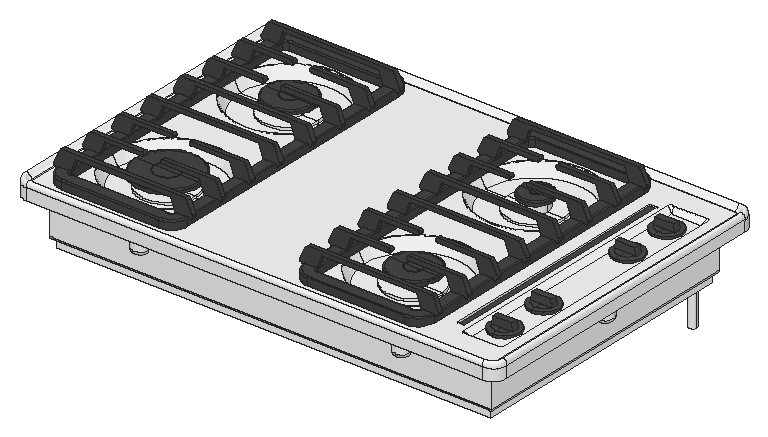
Revit family "QF_Summit_WTL053S_Cooktop", category Specialty Equipment, Revit 2020
Family settings
  Round Connector Dimension = Use Diameter
  Part Type = Normal
  Work Plane-Based = No
  Always vertical = Yes
  Cut with Voids When Loaded = No
  Shared = No
  Room Calculation Point = No
Parameters
  Weight in Pounds = 27
  Watts = 0 W
  Volts = 115 V
  URL Cutsheet = ""
  Specification by User = ""
  Specification by Manufacturer = ""
  Serial Number = ""
  Seismic Rating = ""
  SMACNA No = ""
  Revision Code = ""
  Plumbing Remarks = ""
  Plumbing Connection Type = ""
  Phase = 1
  Number of Poles = 1
  NAFEM Spec ID Number = ""
  Model = "WTL053S"
  Min Ckt Ampacity = 0 A
  Max Overcurrent Protection = 0 A
  Masterspec = ""
  Manufacturer = "Summit"
  Length = 29 3/4"
  Item Number = ""
  Installed By = ""
  Identify Quantity as Lot = yes
  Height = 4"
  HP = ""
  Gas Size = 0"
  Gas RI Height = 0"
  Gas KW = 0
  Gas Input = 12000.0 Btu/h
  Gas Connection Height = 0"
  Furnished By = ""
  Foodservice Equipment Identifier = yes
  FL Amps = 0 A
  Electrical Remarks = ""
  Elec Conn RI Height = 0"
  Elec Conn Connection Height = 0"
  Description = "Cooktop"
  Depth = 20"
  Default Elevation = 0"
  Cycle = 60 Hz
  Conn Plug = "3 Prong Cord"
  Conn Conduit = yes
  CSI MasterFormat = ""
  Apparent Power = 0 VA
Reference planes (in)
  plane 1 "BACK": y = 0
  plane 2: z = 0
  plane 3 "LEFT": x = 0
  plane 4 "RIGHT": x = 29.75
  plane 5 "FRONT": y = -20
  plane 6 "TOP": z = 4
  plane 7 "Center Y": x = 14.875
  plane 8 "Center X": y = -10
  plane 9: z = 3
  plane 10: z = 0.5
  plane 11: z = -2.5
Forms (in)
  Sweep 1, solid, material "QF_Plastic_White_Smooth"
    path origin (0, 0, 3.99988) x (-1, 0, 0) y (0, -1, 0)
      loop
        line (-0.0625, 0.8125) -> (-0.0625, 19.1875)
        arc (-0.0625, 19.1875) -> (-0.28217, 19.71783) -> (-0.8125, 19.9375) r 0.75
        line (-0.8125, 19.9375) -> (-28.9375, 19.9375)
        arc (-28.9375, 19.9375) -> (-29.46783, 19.71783) -> (-29.6875, 19.1875) r 0.75
        line (-29.6875, 19.1875) -> (-29.6875, 0.8125)
        arc (-29.6875, 0.8125) -> (-29.46783, 0.28217) -> (-28.9375, 0.0625) r 0.75
        line (-28.9375, 0.0625) -> (-0.8125, 0.0625)
        arc (-0.8125, 0.0625) -> (-0.28217, 0.28217) -> (-0.0625, 0.8125) r 0.75
    profile origin (0.0625, -10, 3.99988) x (1, 0, 0) y (0, 0, 1)
      loop
        line (0.50007, -0.99988) -> (0.50007, -0.24988)
        spline (0.50007, -0.24988) -> (0.38683, -0.22526) -> (0.30986, -0.16677) -> (0.25459, -0.09746) -> (0.20654, -0.0403) -> (0.15715, -0.00897) -> (0.1083, -0.00102) -> (0.06291, -0.01235) -> (0.02367, -0.03905) -> (-0.00886, -0.07917) -> (-0.03532, -0.13183) -> (-0.05489, -0.20201) -> (-0.06266, -0.31115)
        line (-0.06266, -0.31115) -> (-0.06266, -0.99988) -> (0.50007, -0.99988)
  Extrusion 2, solid, material "QF_Plastic_White_Smooth"
    sketch origin (23.1875, -0.5625, 3.49988) x (0, 1, 0) y (1, 0, 0)
      loop
        circle (-4.74127, -17.90956) r 3.49904
      loop
        line (-18.875, 5.75) -> (-18.875, -22.375)
        arc (-18.875, -22.375) -> (-18.80178, -22.55178) -> (-18.625, -22.625) r 0.25
        line (-18.625, -22.625) -> (-0.25, -22.625)
        arc (-0.25, -22.625) -> (-0.07322, -22.55178) -> (0, -22.375) r 0.25
        line (0, -22.375) -> (0, 5.75)
        arc (0, 5.75) -> (-0.07322, 5.92678) -> (-0.25, 6) r 0.25
        line (-0.25, 6) -> (-18.625, 6)
        arc (-18.625, 6) -> (-18.80178, 5.92678) -> (-18.875, 5.75) r 0.25
      loop
        circle (-4.74127, -2.71662) r 3.49904
      loop
        circle (-14.13373, -17.90956) r 3.49904
      loop
        circle (-14.13373, -2.71662) r 3.49904
    from 0.49988 to -0.25012
  Blend 3, void
    base sketch origin (23.18874, -0.56796, 3.79988) x (0, 1, 0) y (-1, 0, 0)
      loop
        arc (-1.25, -3) -> (-1.32322, -2.82322) -> (-1.5, -2.75) r 0.25
        line (-1.5, -2.75) -> (-17.375, -2.75)
        arc (-17.375, -2.75) -> (-17.55178, -2.82322) -> (-17.625, -3) r 0.25
        line (-17.625, -3) -> (-17.625, -5.25)
        arc (-17.625, -5.25) -> (-17.55178, -5.42678) -> (-17.375, -5.5) r 0.25
        line (-17.375, -5.5) -> (-1.5, -5.5)
        arc (-1.5, -5.5) -> (-1.32322, -5.42678) -> (-1.25, -5.25) r 0.25
        line (-1.25, -5.25) -> (-1.25, -3)
    top sketch origin (23.18874, -0.56796, 3.79988) x (0, 1, 0) y (-1, 0, 0)
      loop
        line (-1.71875, -3.21875) -> (-17.15625, -3.21875) -> (-17.15625, -5.03125) -> (-1.71875, -5.03125) -> (-1.71875, -3.21875)
    from 0.0625 to -0.31152
  Extrusion 4, void
    sketch origin (23.18874, -0.56796, 3.79988) x (0, 1, 0) y (-1, 0, 0)
      loop
        arc (-2, -2.1875) -> (-2.01831, -2.14331) -> (-2.0625, -2.125) r 0.0625
        line (-2.0625, -2.125) -> (-16.8125, -2.125)
        arc (-16.8125, -2.125) -> (-16.85669, -2.14331) -> (-16.875, -2.1875) r 0.0625
        line (-16.875, -2.1875) -> (-16.875, -2.5625)
        arc (-16.875, -2.5625) -> (-16.85669, -2.60669) -> (-16.8125, -2.625) r 0.0625
        line (-16.8125, -2.625) -> (-2.0625, -2.625)
        arc (-2.0625, -2.625) -> (-2.01831, -2.60669) -> (-2, -2.5625) r 0.0625
        line (-2, -2.5625) -> (-2, -2.1875)
    from 0.0625 to -0.125
  Revolve 5, solid, material "QF_Plastic_Black_Smooth"
    sketch origin (27.31374, -3, 0.48835) x (0, 1, 0) y (0, 0, 1)
      loop
        line (-0.75736, 3) -> (-0.50736, 3) -> (-0.50736, 3.07947) -> (0.15671, 3.07947) -> (0.15671, 3.2014)
        arc (0.15671, 3.2014) -> (0.03405, 3.23774) -> (-0.09329, 3.25) r 0.66737
        line (-0.09329, 3.25) -> (-0.75736, 3.25) -> (-0.75736, 3)
      axis (-0.75736, 3.25) -> (-0.75736, 3)
    angle from 0 to 360
  Blend 6, solid, material "QF_Plastic_Black_Smooth"
    base sketch origin (5.74846, -3, 4.23835) x (-1, 0, 0) y (0, -1, 0)
      loop
        arc (-20.9318, 0.55812) -> (-20.90121, 0.75736) -> (-20.9318, 0.95659) r 0.66406
        line (-20.9318, 0.95659) -> (-22.19875, 0.95659)
        arc (-22.19875, 0.95659) -> (-22.22934, 0.75736) -> (-22.19875, 0.55812) r 0.66406
        line (-22.19875, 0.55812) -> (-20.9318, 0.55812)
    top sketch origin (5.74846, -3, 4.23835) x (-1, 0, 0) y (0, -1, 0)
      loop
        arc (-20.98589, 0.57514) -> (-20.95791, 0.75736) -> (-20.98589, 0.93958) r 0.60736
        line (-20.98589, 0.93958) -> (-22.14466, 0.93958)
        arc (-22.14466, 0.93958) -> (-22.17264, 0.75736) -> (-22.14466, 0.57514) r 0.60736
        line (-22.14466, 0.57514) -> (-20.98589, 0.57514)
    from -0.5 to -0.05271
  Revolve 7, solid, material "QF_Plastic_Black_Smooth", not visible
    sketch origin (21.56528, -3, 0) x (0, 1, 0) y (0, 0, 1)
      loop
        line (-0.75736, 3) -> (-0.50736, 3) -> (-0.50736, 3.07947) -> (0.15671, 3.07947) -> (0.15671, 3.2014)
        arc (0.15671, 3.2014) -> (0.03405, 3.23774) -> (-0.09329, 3.25) r 0.66737
        line (-0.09329, 3.25) -> (-0.75736, 3.25) -> (-0.75736, 3)
      axis (-0.75736, 3.25) -> (-0.75736, 3)
    angle from 0 to 360
  Blend 8, solid, material "QF_Plastic_Black_Smooth", not visible
    base sketch origin (0, -3, 3.75) x (-1, 0, 0) y (0, -1, 0)
      loop
        arc (-20.9318, 0.55812) -> (-20.90121, 0.75736) -> (-20.9318, 0.95659) r 0.66406
        line (-20.9318, 0.95659) -> (-22.19875, 0.95659)
        arc (-22.19875, 0.95659) -> (-22.22934, 0.75736) -> (-22.19875, 0.55812) r 0.66406
        line (-22.19875, 0.55812) -> (-20.9318, 0.55812)
    top sketch origin (0, -3, 3.75) x (-1, 0, 0) y (0, -1, 0)
      loop
        arc (-20.98589, 0.57514) -> (-20.95791, 0.75736) -> (-20.98589, 0.93958) r 0.60736
        line (-20.98589, 0.93958) -> (-22.14466, 0.93958)
        arc (-22.14466, 0.93958) -> (-22.17264, 0.75736) -> (-22.14466, 0.57514) r 0.60736
        line (-22.14466, 0.57514) -> (-20.98589, 0.57514)
    from -0.5 to -0.05271
  Revolve 9, solid, material "QF_Plastic_Black_Smooth"
    sketch origin (27.31156, -3.00158, 0.48835) x (0, 1, 0) y (0, 0, 1)
      loop
        line (-3.75736, 3) -> (-3.50736, 3) -> (-3.50736, 3.07947) -> (-2.84329, 3.07947) -> (-2.84329, 3.2014)
        arc (-2.84329, 3.2014) -> (-2.96595, 3.23774) -> (-3.09329, 3.25) r 0.66737
        line (-3.09329, 3.25) -> (-3.75736, 3.25) -> (-3.75736, 3)
      axis (-3.75736, 3.25) -> (-3.75736, 3)
    angle from 0 to 360
  Blend 10, solid, material "QF_Plastic_Black_Smooth"
    base sketch origin (5.74628, -3.00158, 4.23835) x (-1, 0, 0) y (0, -1, 0)
      loop
        arc (-20.9318, 3.55812) -> (-20.90121, 3.75736) -> (-20.9318, 3.95659) r 0.66406
        line (-20.9318, 3.95659) -> (-22.19875, 3.95659)
        arc (-22.19875, 3.95659) -> (-22.22934, 3.75736) -> (-22.19875, 3.55812) r 0.66406
        line (-22.19875, 3.55812) -> (-20.9318, 3.55812)
    top sketch origin (5.74628, -3.00158, 4.23835) x (-1, 0, 0) y (0, -1, 0)
      loop
        arc (-20.98589, 3.57514) -> (-20.95791, 3.75736) -> (-20.98589, 3.93958) r 0.60736
        line (-20.98589, 3.93958) -> (-22.14466, 3.93958)
        arc (-22.14466, 3.93958) -> (-22.17264, 3.75736) -> (-22.14466, 3.57514) r 0.60736
        line (-22.14466, 3.57514) -> (-20.98589, 3.57514)
    from -0.5 to -0.05271
  Revolve 11, solid, material "QF_Plastic_Black_Smooth"
    sketch origin (27.31156, -6.00158, 0.48835) x (0, 1, 0) y (0, 0, 1)
      loop
        line (-10.24264, 3) -> (-10.24264, 3.25) -> (-10.90671, 3.25)
        arc (-10.90671, 3.25) -> (-11.03405, 3.23774) -> (-11.15671, 3.2014) r 0.66737
        line (-11.15671, 3.2014) -> (-11.15671, 3.07947) -> (-10.49264, 3.07947) -> (-10.49264, 3) -> (-10.24264, 3)
      axis (-10.24264, 3.25) -> (-10.24264, 3)
    angle from 0 to 360
  Blend 12, solid, material "QF_Plastic_Black_Smooth"
    base sketch origin (5.74628, -6.00158, 4.23835) x (-1, 0, 0) y (0, -1, 0)
      loop
        line (-20.9318, 10.44188) -> (-22.19875, 10.44188)
        arc (-22.19875, 10.44188) -> (-22.22934, 10.24264) -> (-22.19875, 10.04341) r 0.66406
        line (-22.19875, 10.04341) -> (-20.9318, 10.04341)
        arc (-20.9318, 10.04341) -> (-20.90121, 10.24264) -> (-20.9318, 10.44188) r 0.66406
    top sketch origin (5.74628, -6.00158, 4.23835) x (-1, 0, 0) y (0, -1, 0)
      loop
        line (-20.98589, 10.42486) -> (-22.14466, 10.42486)
        arc (-22.14466, 10.42486) -> (-22.17264, 10.24264) -> (-22.14466, 10.06042) r 0.60736
        line (-22.14466, 10.06042) -> (-20.98589, 10.06042)
        arc (-20.98589, 10.06042) -> (-20.95791, 10.24264) -> (-20.98589, 10.42486) r 0.60736
    from -0.5 to -0.05271
  Revolve 13, solid, material "QF_Plastic_Black_Smooth"
    sketch origin (27.31156, -3.00158, 0.48835) x (0, 1, 0) y (0, 0, 1)
      loop
        line (-10.24264, 3) -> (-10.24264, 3.25) -> (-10.90671, 3.25)
        arc (-10.90671, 3.25) -> (-11.03405, 3.23774) -> (-11.15671, 3.2014) r 0.66737
        line (-11.15671, 3.2014) -> (-11.15671, 3.07947) -> (-10.49264, 3.07947) -> (-10.49264, 3) -> (-10.24264, 3)
      axis (-10.24264, 3.25) -> (-10.24264, 3)
    angle from 0 to 360
  Blend 14, solid, material "QF_Plastic_Black_Smooth"
    base sketch origin (5.74628, -3.00158, 4.23835) x (-1, 0, 0) y (0, -1, 0)
      loop
        line (-20.9318, 10.44188) -> (-22.19875, 10.44188)
        arc (-22.19875, 10.44188) -> (-22.22934, 10.24264) -> (-22.19875, 10.04341) r 0.66406
        line (-22.19875, 10.04341) -> (-20.9318, 10.04341)
        arc (-20.9318, 10.04341) -> (-20.90121, 10.24264) -> (-20.9318, 10.44188) r 0.66406
    top sketch origin (5.74628, -3.00158, 4.23835) x (-1, 0, 0) y (0, -1, 0)
      loop
        line (-20.98589, 10.42486) -> (-22.14466, 10.42486)
        arc (-22.14466, 10.42486) -> (-22.17264, 10.24264) -> (-22.14466, 10.06042) r 0.60736
        line (-22.14466, 10.06042) -> (-20.98589, 10.06042)
        arc (-20.98589, 10.06042) -> (-20.95791, 10.24264) -> (-20.98589, 10.42486) r 0.60736
    from -0.5 to -0.05271
  Revolve 15, solid, material "QF_Plastic_Black_Smooth", not visible
    sketch origin (21.56528, -20.00316, 0) x (0, 1, 0) y (0, 0, 1)
      loop
        line (16.2458, 3) -> (16.4958, 3) -> (16.4958, 3.07947) -> (17.15986, 3.07947) -> (17.15986, 3.2014)
        arc (17.15986, 3.2014) -> (17.0372, 3.23774) -> (16.90986, 3.25) r 0.66737
        line (16.90986, 3.25) -> (16.2458, 3.25) -> (16.2458, 3)
      axis (16.2458, 3.25) -> (16.2458, 3)
    angle from 0 to 360
  Blend 16, solid, material "QF_Plastic_Black_Smooth", not visible
    base sketch origin (0, -20.00316, 3.75) x (-1, 0, 0) y (0, -1, 0)
      loop
        arc (-20.9318, -16.44503) -> (-20.90121, -16.2458) -> (-20.9318, -16.04657) r 0.66406
        line (-20.9318, -16.04657) -> (-22.19875, -16.04657)
        arc (-22.19875, -16.04657) -> (-22.22934, -16.2458) -> (-22.19875, -16.44503) r 0.66406
        line (-22.19875, -16.44503) -> (-20.9318, -16.44503)
    top sketch origin (0, -20.00316, 3.75) x (-1, 0, 0) y (0, -1, 0)
      loop
        arc (-20.98589, -16.42802) -> (-20.95791, -16.2458) -> (-20.98589, -16.06358) r 0.60736
        line (-20.98589, -16.06358) -> (-22.14466, -16.06358)
        arc (-22.14466, -16.06358) -> (-22.17264, -16.2458) -> (-22.14466, -16.42802) r 0.60736
        line (-22.14466, -16.42802) -> (-20.98589, -16.42802)
    from -0.5 to -0.05271
  Extrusion 17, solid, material "QF_Plastic_White_Smooth"
    sketch origin (9.68847, 8.08075, 0) x (-1, 0, 0) y (0, 1, 0)
      loop
        circle (-17.75, -10) r 0.25
    from -0.5 to 2.5
  Sweep 18, solid, material "QF_Plastic_White_Smooth"
    path origin (0, 0, 0) x (1, 0, 0) y (0, 1, 0)
      loop
        line (28.5, -1.25) -> (1.25, -1.25) -> (1.25, -18.75) -> (28.5, -18.75) -> (28.5, -1.25)
    profile origin (28.5, -10, 0) x (1, 0, 0) y (0, 0, 1)
      loop
        line (-0.25, 0) -> (-0.25, 0.5) -> (-0.13174, 0.5)
        arc (-0.13174, 0.5) -> (-0.03859, 0.53859) -> (0, 0.63174) r 0.13174
        line (0, 0.63174) -> (0, 3) -> (-0.125, 3) -> (-0.125, 0.625) -> (-0.375, 0.625) -> (-0.375, 0) -> (-0.25, 0)
  Extrusion 19, solid, material "QF_Plastic_White_Smooth"
    sketch origin (28.125, -1.625, 0.625) x (0, -1, 0) y (1, 0, 0)
      loop
        line (0, -26.5) -> (16.75, -26.5) -> (16.75, 0) -> (0, 0) -> (0, -26.5)
    from 0 to -0.125
  Extrusion 20, solid, material "QF_Plastic_White_Smooth"
    sketch origin (28.125, -1.625, 0.5) x (1, 0, 0) y (0, -1, 0)
      loop
        circle (-1.43653, 0.29425) r 0.25
    from 0 to 0.0625
  Revolve 21, solid, material "QF_Metal_Black"
    sketch origin (0, -5.30377, 0) x (1, 0, 0) y (0, 0, 1)
      loop
        line (5.27794, 3.69939) -> (5.27794, 3.94939) -> (4.77794, 3.94939) -> (4.77794, 3.88689) -> (4.71544, 3.88689) -> (4.71544, 3.94939) -> (3.84044, 3.94939)
        arc (3.84044, 3.94939) -> (3.79624, 3.93109) -> (3.77794, 3.88689) r 0.0625
        line (3.77794, 3.88689) -> (3.77794, 3.69939) -> (5.27794, 3.69939)
      axis (5.27794, 3.69939) -> (5.27794, 3.94939)
    angle from 0 to 360
  Revolve 22, solid, material "QF_Metal_Black"
    sketch origin (12.31795, -14.69623, 0) x (1, 0, 0) y (0, 0, 1)
      loop
        line (8.15294, 3.69939) -> (8.15294, 3.94939) -> (7.65294, 3.94939) -> (7.65294, 3.88689) -> (7.59044, 3.88689) -> (7.59044, 3.94939) -> (6.71544, 3.94939)
        arc (6.71544, 3.94939) -> (6.67124, 3.93109) -> (6.65294, 3.88689) r 0.0625
        line (6.65294, 3.88689) -> (6.65294, 3.69939) -> (8.15294, 3.69939)
      axis (8.15294, 3.69939) -> (8.15294, 3.94939)
    angle from 0 to 360
  Revolve 23, solid, material "QF_Metal_Black"
    sketch origin (3.25935, -5.30377, 0) x (1, 0, 0) y (0, 0, 1)
      loop
        line (17.21154, 3.94939) -> (16.96154, 3.94939) -> (16.96154, 3.88689) -> (16.89904, 3.88689) -> (16.89904, 3.94939) -> (16.27404, 3.94939)
        arc (16.27404, 3.94939) -> (16.22984, 3.93109) -> (16.21154, 3.88689) r 0.0625
        line (16.21154, 3.88689) -> (16.21154, 3.69939) -> (17.21154, 3.69939) -> (17.21154, 3.94939)
      axis (17.21154, 3.69939) -> (17.21154, 3.94939)
    angle from 0 to 360
  Revolve 24, solid, material "QF_Metal_Black"
    sketch origin (0, -14.69623, 0) x (1, 0, 0) y (0, 0, 1)
      loop
        line (5.27794, 3.69939) -> (5.27794, 3.94939) -> (4.52794, 3.94939) -> (4.52794, 3.88689) -> (4.46544, 3.88689) -> (4.46544, 3.94939) -> (3.34044, 3.94939)
        arc (3.34044, 3.94939) -> (3.29624, 3.93109) -> (3.27794, 3.88689) r 0.0625
        line (3.27794, 3.88689) -> (3.27794, 3.69939) -> (5.27794, 3.69939)
      axis (5.27794, 3.69939) -> (5.27794, 3.94939)
    angle from 0 to 360
  Revolve 25, solid, material "QF_Plastic_White_Smooth"
    sketch origin (0, -10, 0) x (1, 0, 0) y (0, 0, 1)
      loop
        line (1.25, 3) -> (0.75, 3) -> (0.75, 2)
        arc (0.75, 2) -> (0.8255, 1.83445) -> (1, 1.7829) r 0.21926
        line (1, 1.7829) -> (1.25, 1.7829) -> (1.25, 3)
      axis (1.25, 1.7829) -> (1.25, 3)
    angle from -90 to 90
  Revolve 26, solid, material "QF_Plastic_White_Smooth"
    sketch origin (24, -10, 0) x (-1, 0, 0) y (0, 0, -1)
      loop
        line (-4.5, -3) -> (-4.5, -1.7829) -> (-4.75, -1.7829)
        arc (-4.75, -1.7829) -> (-4.9245, -1.83445) -> (-5, -2) r 0.21926
        line (-5, -2) -> (-5, -3) -> (-4.5, -3)
      axis (-4.5, -1.7829) -> (-4.5, -3)
    angle from -90 to 90
  Revolve 27, solid, material "QF_Plastic_White_Smooth"
    sketch origin (21.33132, -1.25, 0) x (-1, 0, 0) y (0, 0, -1)
      loop
        line (-1.625, -3) -> (-1.625, -1.7829) -> (-1.875, -1.7829)
        arc (-1.875, -1.7829) -> (-2.0495, -1.83445) -> (-2.125, -2) r 0.21926
        line (-2.125, -2) -> (-2.125, -3) -> (-1.625, -3)
      axis (-1.625, -1.7829) -> (-1.625, -3)
    angle from 0 to 180
  Revolve 28, solid, material "QF_Plastic_White_Smooth"
    sketch origin (5.19698, -1.25, 0) x (-1, 0, 0) y (0, 0, -1)
      loop
        line (-1.625, -3) -> (-1.625, -1.7829) -> (-1.875, -1.7829)
        arc (-1.875, -1.7829) -> (-2.0495, -1.83445) -> (-2.125, -2) r 0.21926
        line (-2.125, -2) -> (-2.125, -3) -> (-1.625, -3)
      axis (-1.625, -1.7829) -> (-1.625, -3)
    angle from 0 to 180
  Revolve 29, solid, material "QF_Plastic_White_Smooth"
    sketch origin (21.33132, -18.75, 0) x (-1, 0, 0) y (0, 0, 1)
      loop
        line (-1.625, 3) -> (-2.125, 3) -> (-2.125, 2)
        arc (-2.125, 2) -> (-2.0495, 1.83445) -> (-1.875, 1.7829) r 0.21926
        line (-1.875, 1.7829) -> (-1.625, 1.7829) -> (-1.625, 3)
      axis (-1.625, 1.7829) -> (-1.625, 3)
    angle from 0 to 180
  Revolve 30, solid, material "QF_Plastic_White_Smooth"
    sketch origin (5.19698, -18.75, 0) x (-1, 0, 0) y (0, 0, 1)
      loop
        line (-1.625, 3) -> (-2.125, 3) -> (-2.125, 2)
        arc (-2.125, 2) -> (-2.0495, 1.83445) -> (-1.875, 1.7829) r 0.21926
        line (-1.875, 1.7829) -> (-1.625, 1.7829) -> (-1.625, 3)
      axis (-1.625, 1.7829) -> (-1.625, 3)
    angle from 0 to 180
Cuts and joins
  Blend 3, Extrusion 4 cuts Extrusion 2
Lines and regions (in)
  symbolic lines
    curve 1: arc (27.31374, -2.84329, 4.23835) -> (26.39968, -3.75736, 4.23835) -> (27.31374, -4.67142, 4.23835) r 0.91406
    curve 2: arc (27.31374, -4.67142, 4.23835) -> (28.2278, -3.75736, 4.23835) -> (27.31374, -2.84329, 4.23835) r 0.91406
    curve 3: line (26.68027, -3.55812, 4.23835) -> (27.94721, -3.55812, 4.23835)
    curve 4: line (27.94721, -3.95659, 4.23835) -> (26.68027, -3.95659, 4.23835)
    curve 5: arc (26.68027, -3.55812, 4.23835) -> (26.64968, -3.75736, 4.23835) -> (26.68027, -3.95659, 4.23835) r 0.66406
    curve 6: arc (27.94721, -3.95659, 4.23835) -> (27.9778, -3.75736, 4.23835) -> (27.94721, -3.55812, 4.23835) r 0.66406
    curve 13: arc (27.31156, -5.84487, 4.23835) -> (26.3975, -6.75893, 4.23835) -> (27.31156, -7.673, 4.23835) r 0.91406
    curve 14: arc (27.31156, -7.673, 4.23835) -> (28.22562, -6.75893, 4.23835) -> (27.31156, -5.84487, 4.23835) r 0.91406
    curve 15: line (26.67809, -6.5597, 4.23835) -> (27.94503, -6.5597, 4.23835)
    curve 16: line (27.94503, -6.95817, 4.23835) -> (26.67809, -6.95817, 4.23835)
    curve 17: arc (26.67809, -6.5597, 4.23835) -> (26.6475, -6.75893, 4.23835) -> (26.67809, -6.95817, 4.23835) r 0.66406
    curve 18: arc (27.94503, -6.95817, 4.23835) -> (27.97562, -6.75893, 4.23835) -> (27.94503, -6.5597, 4.23835) r 0.66406
    curve 19: arc (27.31156, -17.15828, 4.23835) -> (26.3975, -16.24422, 4.23835) -> (27.31156, -15.33016, 4.23835) r 0.91406
    curve 20: arc (27.31156, -15.33016, 4.23835) -> (28.22562, -16.24422, 4.23835) -> (27.31156, -17.15828, 4.23835) r 0.91406
    curve 21: line (26.67809, -16.44345, 4.23835) -> (27.94503, -16.44345, 4.23835)
    curve 22: line (27.94503, -16.04499, 4.23835) -> (26.67809, -16.04499, 4.23835)
    curve 23: arc (26.67809, -16.44345, 4.23835) -> (26.6475, -16.24422, 4.23835) -> (26.67809, -16.04499, 4.23835) r 0.66406
    curve 24: arc (27.94503, -16.04499, 4.23835) -> (27.97562, -16.24422, 4.23835) -> (27.94503, -16.44345, 4.23835) r 0.66406
    curve 25: arc (27.31156, -14.15828, 4.23835) -> (26.3975, -13.24422, 4.23835) -> (27.31156, -12.33016, 4.23835) r 0.91406
    curve 26: arc (27.31156, -12.33016, 4.23835) -> (28.22562, -13.24422, 4.23835) -> (27.31156, -14.15828, 4.23835) r 0.91406
    curve 27: line (26.67809, -13.44345, 4.23835) -> (27.94503, -13.44345, 4.23835)
    curve 28: line (27.94503, -13.04499, 4.23835) -> (26.67809, -13.04499, 4.23835)
    curve 29: arc (26.67809, -13.44345, 4.23835) -> (26.6475, -13.24422, 4.23835) -> (26.67809, -13.04499, 4.23835) r 0.66406
    curve 30: arc (27.94503, -13.04499, 4.23835) -> (27.97562, -13.24422, 4.23835) -> (27.94503, -13.44345, 4.23835) r 0.66406
    curve 37: line (0.5625, -0.8125, 0) -> (0.5625, -19.1875, 0)
    curve 38: line (28.9375, -0.5625, 0) -> (0.8125, -0.5625, 0)
    curve 39: arc (0.5625, -0.8125, 0) -> (0.63572, -0.63572, 0) -> (0.8125, -0.5625, 0) r 0.25
    curve 40: arc (28.9375, -0.5625, 0) -> (29.11428, -0.63572, 0) -> (29.1875, -0.8125, 0) r 0.25
    curve 41: line (29.1875, -19.1875, 0) -> (29.1875, -0.8125, 0)
    curve 42: line (28.21999, -2.28671, 0) -> (26.40749, -2.28671, 0)
    curve 43: line (26.40749, -2.28671, 0) -> (26.40749, -17.72421, 0)
    curve 44: line (26.40749, -17.72421, 0) -> (28.21999, -17.72421, 0)
    curve 45: line (28.21999, -17.72421, 0) -> (28.21999, -2.28671, 0)
    curve 46: line (26.25446, -1.9588, 0) -> (28.37302, -1.9588, 0)
    curve 47: arc (28.37302, -1.9588, 0) -> (28.49668, -2.01002, 0) -> (28.5479, -2.13368, 0) r 0.17489
    curve 48: line (28.5479, -2.13368, 0) -> (28.5479, -17.87723, 0)
    curve 49: arc (28.5479, -17.87723, 0) -> (28.49668, -18.0009, 0) -> (28.37302, -18.05212, 0) r 0.17489
    curve 50: line (28.37302, -18.05212, 0) -> (26.25446, -18.05212, 0)
    curve 51: arc (26.25446, -18.05212, 0) -> (26.1308, -18.0009, 0) -> (26.07958, -17.87723, 0) r 0.17489
    curve 52: line (26.07958, -17.87723, 0) -> (26.07958, -2.13368, 0)
    curve 53: arc (26.07958, -2.13368, 0) -> (26.1308, -2.01002, 0) -> (26.25446, -1.9588, 0) r 0.17489
    curve 54: line (25.31374, -17.38046, 0) -> (25.31374, -2.63046, 0)
    curve 55: arc (25.31374, -2.63046, 0) -> (25.33205, -2.58626, 0) -> (25.37624, -2.56796, 0) r 0.0625
    curve 56: line (25.37624, -2.56796, 0) -> (25.75124, -2.56796, 0)
    curve 57: arc (25.75124, -2.56796, 0) -> (25.79543, -2.58626, 0) -> (25.81374, -2.63046, 0) r 0.0625
    curve 58: line (25.81374, -2.63046, 0) -> (25.81374, -17.38046, 0)
    curve 59: arc (25.81374, -17.38046, 0) -> (25.79543, -17.42465, 0) -> (25.75124, -17.44296, 0) r 0.0625
    curve 60: line (25.75124, -17.44296, 0) -> (25.37624, -17.44296, 0)
    curve 61: arc (25.37624, -17.44296, 0) -> (25.33205, -17.42465, 0) -> (25.31374, -17.38046, 0) r 0.0625
    curve 62: line (0.8125, -19.4375, 0) -> (28.9375, -19.4375, 0)
    curve 63: arc (29.1875, -19.1875, 0) -> (29.11428, -19.36428, 0) -> (28.9375, -19.4375, 0) r 0.25
    curve 64: arc (0.8125, -19.4375, 0) -> (0.63572, -19.36428, 0) -> (0.5625, -19.1875, 0) r 0.25
    curve 65: line (-0.00016, -19.1875, 0) -> (-0.00016, -0.8125, 0)
    curve 66: arc (-0.00016, -0.8125, 0) -> (0.23786, -0.23786, 0) -> (0.8125, 0.00016, 0) r 0.81266
    curve 67: line (0.8125, 0.00016, 0) -> (28.9375, 0.00016, 0)
    curve 68: arc (28.9375, 0.00016, 0) -> (29.51214, -0.23786, 0) -> (29.75016, -0.8125, 0) r 0.81266
    curve 69: line (29.75016, -0.8125, 0) -> (29.75016, -19.1875, 0)
    curve 70: arc (29.75016, -19.1875, 0) -> (29.51214, -19.76214, 0) -> (28.9375, -20.00016, 0) r 0.81266
    curve 71: line (28.9375, -20.00016, 0) -> (0.8125, -20.00016, 0)
    curve 72: arc (0.8125, -20.00016, 0) -> (0.23786, -19.76214, 0) -> (-0.00016, -19.1875, 0) r 0.81266
    curve 73: arc (6.77794, -5.30377, 0) -> (6.66138, -5.8835, 0) -> (6.32982, -6.37314, 0) r 1.5
    curve 74: arc (3.77794, -5.30377, 0) -> (3.86331, -4.80495, 0) -> (4.1097, -4.3629, 0) r 1.5
    curve 75: arc (4.77794, -5.30377, 0) -> (5.27794, -4.80377, 0) -> (5.77794, -5.30377, 0) r 0.5
    curve 76: arc (5.77794, -5.30377, 0) -> (5.27794, -5.80377, 0) -> (4.77794, -5.30377, 0) r 0.5
    curve 77: arc (18.72185, -5.30377, 0) -> (18.79036, -4.81901, 0) -> (18.99055, -4.37224, 0) r 1.74904
    curve 78: arc (22.21992, -5.30377, 0) -> (22.1288, -5.86093, 0) -> (21.86495, -6.36005, 0) r 1.74904
    curve 79: arc (21.47088, -5.30377, 0) -> (20.47088, -6.30377, 0) -> (19.47088, -5.30377, 0) r 1
    curve 80: arc (19.47088, -5.30377, 0) -> (20.47088, -4.30377, 0) -> (21.47088, -5.30377, 0) r 1
    curve 81: arc (20.22088, -5.30377, 0) -> (20.47088, -5.05377, 0) -> (20.72088, -5.30377, 0) r 0.25
    curve 82: arc (20.72088, -5.30377, 0) -> (20.47088, -5.55377, 0) -> (20.22088, -5.30377, 0) r 0.25
    curve 83: arc (3.27794, -14.69623, 0) -> (3.35793, -14.13624, 0) -> (3.59152, -13.62105, 0) r 2
    curve 84: arc (7.27794, -14.69623, 0) -> (7.2165, -15.18811, 0) -> (7.03599, -15.64978, 0) r 2
    curve 85: arc (6.02794, -14.69623, 0) -> (5.27794, -15.44623, 0) -> (4.52794, -14.69623, 0) r 0.75
    curve 86: arc (4.52794, -14.69623, 0) -> (5.27794, -13.94623, 0) -> (6.02794, -14.69623, 0) r 0.75
    curve 87: arc (21.97088, -14.69623, 0) -> (21.8897, -15.183, 0) -> (21.65495, -15.61709, 0) r 1.5
    curve 88: arc (18.97088, -14.69623, 0) -> (19.08577, -14.12051, 0) -> (19.41282, -13.63298, 0) r 1.5
    curve 89: arc (19.97088, -14.69623, 0) -> (20.47088, -14.19623, 0) -> (20.97088, -14.69623, 0) r 0.5
    curve 90: arc (20.97088, -14.69623, 0) -> (20.47088, -15.19623, 0) -> (19.97088, -14.69623, 0) r 0.5
    curve 91: arc (6.44829, -4.36554, 0) -> (6.69313, -4.80654, 0) -> (6.77794, -5.30377, 0) r 1.5
    curve 92: arc (6.00005, -6.61851, 0) -> (5.30676, -6.80349, 0) -> (4.60688, -6.64529, 0) r 1.5
    curve 93: arc (4.34823, -4.12663, 0) -> (5.27744, -3.80377, 0) -> (6.20686, -4.12602, 0) r 1.5
    curve 94: arc (4.24744, -6.39376, 0) -> (3.9003, -5.89717, 0) -> (3.77794, -5.30377, 0) r 1.5
    curve 95: arc (19.18671, -4.11632, 0) -> (20.47893, -3.55475, 0) -> (21.76593, -4.12819, 0) r 1.74904
    curve 96: arc (21.95467, -4.37775, 0) -> (22.1523, -4.82214, 0) -> (22.21992, -5.30377, 0) r 1.74904
    curve 97: arc (21.61924, -6.62302, 0) -> (20.4941, -7.05265, 0) -> (19.35796, -6.65304, 0) r 1.74904
    curve 98: arc (19.09731, -6.38656, 0) -> (18.81838, -5.87679, 0) -> (18.72185, -5.30377, 0) r 1.74904
    curve 99: arc (21.51879, -13.62296, 0) -> (21.85325, -14.11393, 0) -> (21.97088, -14.69623, 0) r 1.5
    curve 100: arc (21.40266, -15.87172, 0) -> (20.47892, -16.1962, 0) -> (19.55176, -15.88164, 0) r 1.5
    curve 101: arc (19.30495, -15.63995, 0) -> (19.05687, -15.19678, 0) -> (18.97088, -14.69623, 0) r 1.5
    curve 102: arc (6.98346, -13.65162, 0) -> (7.20291, -14.15357, 0) -> (7.27794, -14.69623, 0) r 2
    curve 103: arc (6.89066, -15.87906, 0) -> (5.26987, -16.69621, 0) -> (3.65572, -15.86601, 0) r 2
    curve 104: arc (3.49635, -15.60505, 0) -> (3.33331, -15.16358, 0) -> (3.27794, -14.69623, 0) r 2
    curve 105: arc (3.80563, -13.3426, 0) -> (5.31089, -12.6965, 0) -> (6.79404, -13.39184, 0) r 2
    curve 106: arc (5.27794, -11.19719, 0) -> (3.34087, -11.78229, 0) -> (2.05163, -13.34191, 0) r 3.49904
    curve 107: arc (5.27794, -18.19526, 0) -> (5.59399, -18.18096, 0) -> (5.90746, -18.13817, 0) r 3.49904
    curve 108: arc (2.17718, -14.69623, 0) -> (2.22514, -14.15294, 0) -> (2.36756, -13.62646, 0) r 3.10076
    curve 109: arc (8.37869, -14.69623, 0) -> (8.34399, -15.15887, 0) -> (8.24064, -15.61115, 0) r 3.10076
    curve 110: arc (17.37013, -14.69623, 0) -> (17.41831, -14.15172, 0) -> (17.56136, -13.62413, 0) r 3.10076
    curve 111: arc (23.57164, -14.69623, 0) -> (23.53639, -15.16245, 0) -> (23.43144, -15.61807, 0) r 3.10076
    curve 112: arc (22.21992, -14.69623, 0) -> (22.15083, -15.18295, 0) -> (21.94903, -15.63122, 0) r 1.74904
    curve 113: arc (18.72185, -14.69623, 0) -> (18.81557, -14.13137, 0) -> (19.08669, -13.62704, 0) r 1.74904
    curve 114: arc (20.47088, -1.80473, 0) -> (20.16646, -1.818, 0) -> (19.86434, -1.8577, 0) r 3.49904
    curve 115: arc (23.57164, -5.30377, 0) -> (23.52322, -5.8496, 0) -> (23.37948, -6.37838, 0) r 3.10076
    curve 116: arc (17.37013, -5.30377, 0) -> (17.40631, -4.83145, 0) -> (17.51402, -4.37015, 0) r 3.10076
    curve 117: arc (2.17718, -5.30377, 0) -> (2.21285, -4.83475, 0) -> (2.31907, -4.37652, 0) r 3.10076
    curve 118: arc (5.27794, -1.80473, 0) -> (4.93803, -1.82128, 0) -> (4.60134, -1.87077, 0) r 3.49904
    curve 119: arc (8.37869, -5.30377, 0) -> (8.32757, -5.86451, 0) -> (8.17588, -6.40676, 0) r 3.10076
    curve 120: arc (3.5289, -5.30377, 0) -> (3.59902, -4.8135, 0) -> (3.80375, -4.36254, 0) r 1.74904
    curve 121: arc (7.02697, -5.30377, 0) -> (6.93488, -5.86382, 0) -> (6.66831, -6.3649, 0) r 1.74904
    curve 122: arc (3.82427, -2.12098, 0) -> (2.70604, -2.9313, 0) -> (1.98841, -4.11116, 0) r 3.49904
    curve 123: arc (5.93047, -1.86612, 0) -> (5.60564, -1.82011, 0) -> (5.27794, -1.80473, 0) r 3.49904
    curve 124: arc (8.57049, -4.11957, 0) -> (7.86529, -2.94817, 0) -> (6.76501, -2.13646, 0) r 3.49904
    curve 125: arc (8.24134, -4.39111, 0) -> (8.34416, -4.8423, 0) -> (8.37869, -5.30377, 0) r 3.10076
    curve 126: arc (8.08523, -6.62052, 0) -> (5.27638, -8.40453, 0) -> (2.46932, -6.61769, 0) r 3.10076
    curve 127: arc (3.99761, -4.11217, 0) -> (5.2798, -3.55473, 0) -> (6.5608, -4.11491, 0) r 1.74904
    curve 128: arc (6.75932, -4.37391, 0) -> (6.95873, -4.81996, 0) -> (7.02697, -5.30377, 0) r 1.74904
    curve 129: arc (6.4133, -6.63421, 0) -> (5.29556, -7.05272, 0) -> (4.16961, -6.65682, 0) r 1.74904
    curve 130: arc (3.90112, -6.38243, 0) -> (3.62457, -5.87431, 0) -> (3.5289, -5.30377, 0) r 1.74904
    curve 131: arc (2.41441, -4.11426, 0) -> (5.28437, -2.20302, 0) -> (8.14637, -4.12615, 0) r 3.10076
    curve 132: arc (2.04204, -6.63503, 0) -> (2.90751, -7.87755, 0) -> (4.2169, -8.63806, 0) r 3.49904
    curve 133: arc (2.36155, -6.35706, 0) -> (2.22362, -5.83842, 0) -> (2.17718, -5.30377, 0) r 3.10076
    curve 134: arc (6.38919, -8.62166, 0) -> (7.6707, -7.8568, 0) -> (8.51692, -6.6275, 0) r 3.49904
    curve 135: arc (19.02425, -2.11778, 0) -> (17.89356, -2.93719, 0) -> (17.17335, -4.13351, 0) r 3.49904
    curve 136: arc (21.12029, -1.86552, 0) -> (20.79701, -1.81996, 0) -> (20.47088, -1.80473, 0) r 3.49904
    curve 137: arc (23.75936, -4.10828, 0) -> (23.04752, -2.93644, 0) -> (21.94004, -2.12811, 0) r 3.49904
    curve 138: arc (23.4311, -4.38084, 0) -> (23.53631, -4.83698, 0) -> (23.57164, -5.30377, 0) r 3.10076
    curve 139: arc (17.61262, -4.10167, 0) -> (20.47007, -2.20301, 0) -> (23.32851, -4.10017, 0) r 3.10076
    curve 140: arc (17.23676, -6.63931, 0) -> (18.11687, -7.89257, 0) -> (19.44792, -8.64993, 0) r 3.49904
    curve 141: arc (23.27893, -6.61889, 0) -> (20.47146, -8.40453, 0) -> (17.66332, -6.61994, 0) r 3.10076
    curve 142: arc (17.55984, -6.37173, 0) -> (17.41792, -5.84611, 0) -> (17.37013, -5.30377, 0) r 3.10076
    curve 143: arc (21.56645, -8.62687, 0) -> (22.84664, -7.87263, 0) -> (23.69842, -6.65516, 0) r 3.49904
    curve 144: arc (19.36537, -11.37642, 0) -> (18.09662, -12.12598, 0) -> (17.24899, -13.33142, 0) r 3.49904
    curve 145: arc (23.69709, -13.34166, 0) -> (22.879, -12.15767, 0) -> (21.65354, -11.40311, 0) r 3.49904
    curve 146: arc (23.37774, -13.61692, 0) -> (23.52278, -14.14793, 0) -> (23.57164, -14.69623, 0) r 3.10076
    curve 147: arc (23.33173, -15.89215, 0) -> (20.46638, -17.79698, 0) -> (17.60658, -15.88384, 0) r 3.10076
    curve 148: arc (17.51435, -15.63089, 0) -> (17.40639, -15.16909, 0) -> (17.37013, -14.69623, 0) r 3.10076
    curve 149: arc (17.68753, -13.32962, 0) -> (20.49059, -11.59553, 0) -> (23.27139, -13.36511, 0) r 3.10076
    curve 150: arc (17.17305, -15.86566, 0) -> (17.8981, -17.06774, 0) -> (19.03727, -17.88809, 0) r 3.49904
    curve 151: arc (21.93785, -17.8729, 0) -> (23.02155, -17.09151, 0) -> (23.73338, -15.96089, 0) r 3.49904
    curve 152: arc (6.78733, -17.85297, 0) -> (7.85065, -17.06781, 0) -> (8.54684, -15.94423, 0) r 3.49904
    curve 153: arc (4.69103, -18.14569, 0) -> (4.98344, -18.18285, 0) -> (5.27794, -18.19526, 0) r 3.49904
    curve 154: arc (8.13822, -15.8935, 0) -> (5.27214, -17.79698, 0) -> (2.4132, -15.88281, 0) r 3.10076
    curve 155: arc (8.17474, -13.59023, 0) -> (8.32728, -14.1339, 0) -> (8.37869, -14.69623, 0) r 3.10076
    curve 156: arc (8.50017, -13.33225, 0) -> (7.21063, -11.77939, 0) -> (5.27794, -11.19719, 0) r 3.49904
    curve 157: arc (2.00679, -15.93836, 0) -> (2.73072, -17.09518, 0) -> (3.8421, -17.8871, 0) r 3.49904
    curve 158: arc (2.47364, -13.37311, 0) -> (5.27778, -11.59547, 0) -> (8.0821, -13.37283, 0) r 3.10076
    curve 159: arc (2.31178, -15.59991, 0) -> (2.21101, -15.15306, 0) -> (2.17718, -14.69623, 0) r 3.10076
    curve 160: arc (21.16857, -18.125, 0) -> (20.47088, -18.19526, 0) -> (19.77319, -18.125, 0) r 3.49904
    curve 161: arc (19.34033, -13.3617, 0) -> (20.48485, -12.94724, 0) -> (21.62261, -13.37992, 0) r 1.74904
    curve 162: arc (19.768, -13.3711, 0) -> (20.47565, -13.19623, 0) -> (21.18217, -13.37559, 0) r 1.5
    curve 163: arc (21.84775, -13.61763, 0) -> (22.12426, -14.12572, 0) -> (22.21992, -14.69623, 0) r 1.74904
    curve 164: arc (18.98293, -15.61554, 0) -> (18.78838, -15.17406, 0) -> (18.72185, -14.69623, 0) r 1.74904
    curve 165: arc (21.76302, -15.875, 0) -> (20.47088, -16.44526, 0) -> (19.17874, -15.875, 0) r 1.74904
  symbolic lines, not visible
    curve 7: arc (21.56528, -2.84329, 3.75) -> (20.65121, -3.75736, 3.75) -> (21.56528, -4.67142, 3.75) r 0.91406
    curve 8: arc (21.56528, -4.67142, 3.75) -> (22.47934, -3.75736, 3.75) -> (21.56528, -2.84329, 3.75) r 0.91406
    curve 9: line (20.9318, -3.55812, 3.75) -> (22.19875, -3.55812, 3.75)
    curve 10: line (22.19875, -3.95659, 3.75) -> (20.9318, -3.95659, 3.75)
    curve 11: arc (20.9318, -3.55812, 3.75) -> (20.90121, -3.75736, 3.75) -> (20.9318, -3.95659, 3.75) r 0.66406
    curve 12: arc (22.19875, -3.95659, 3.75) -> (22.22934, -3.75736, 3.75) -> (22.19875, -3.55812, 3.75) r 0.66406
    curve 31: arc (21.56528, -2.84329, 3.75) -> (20.65121, -3.75736, 3.75) -> (21.56528, -4.67142, 3.75) r 0.91406
    curve 32: arc (21.56528, -4.67142, 3.75) -> (22.47934, -3.75736, 3.75) -> (21.56528, -2.84329, 3.75) r 0.91406
    curve 33: line (20.9318, -3.55812, 3.75) -> (22.19875, -3.55812, 3.75)
    curve 34: line (22.19875, -3.95659, 3.75) -> (20.9318, -3.95659, 3.75)
    curve 35: arc (20.9318, -3.55812, 3.75) -> (20.90121, -3.75736, 3.75) -> (20.9318, -3.95659, 3.75) r 0.66406
    curve 36: arc (22.19875, -3.95659, 3.75) -> (22.22934, -3.75736, 3.75) -> (22.19875, -3.55812, 3.75) r 0.66406
Dimensions and locks (in)
  equal spacing: plane 3 "LEFT", plane 7 "Center Y", plane 4 "RIGHT"
  "Length": plane 3 "LEFT" to plane 4 "RIGHT"
  equal spacing: plane 5 "FRONT", plane 8 "Center X", plane 1 "BACK"
  "Depth": plane 5 "FRONT" to plane 1 "BACK"
  "Height": plane 6 "TOP" to level
  plane 9 to level = 3"
  plane 9 to plane 10 = 2 1/2"
  plane 10 to plane 11 = 3"
  aligned and locked: level to plane 2
Automatic sketch dimensions
  Blend 6 sketch curve to Blend 6 sketch curve = 0.63347"  (x2)
  Blend 6 sketch curve to Blend 6 sketch curve = 51/256"
  Blend 6 sketch curve to Blend 6 sketch curve = 0"  (x10)
  Blend 6 sketch curve to Blend 6 sketch curve = 0.57938"  (x2)
  Blend 6 sketch curve to Blend 6 sketch curve = 0.18222"
  curve 4 to curve 1 = 0.63347"
  curve 3 to curve 1 = 51/256"
  curve 2 to curve 5 = 183/256"
  curve 3 to curve 4 = 0"
  curve 2 to curve 3 = 0.63347"
  curve 2 to curve 5 = 0"  (x4)
  curve 2 to curve 6 = 0"  (x3)
  curve 5 to curve 6 = 0"  (x3)
  curve 1 to curve 2 = 0"  (x2)
  curve 1 to curve 5 = 0"  (x2)
  curve 1 to curve 6 = 0"  (x2)
  Blend 8 sketch curve to Blend 8 sketch curve = 0.63347"  (x2)
  Blend 8 sketch curve to Blend 8 sketch curve = 51/256"
  Blend 8 sketch curve to Blend 8 sketch curve = 0"  (x10)
  Blend 8 sketch curve to Blend 8 sketch curve = 0.57938"  (x2)
  Blend 8 sketch curve to Blend 8 sketch curve = 0.18222"
  curve 10 to curve 7 = 0.63347"
  curve 9 to curve 7 = 51/256"
  curve 8 to curve 11 = 183/256"
  curve 9 to curve 10 = 0"
  curve 8 to curve 9 = 0.63347"
  curve 8 to curve 11 = 0"  (x4)
  curve 8 to curve 12 = 0"  (x3)
  curve 11 to curve 12 = 0"  (x3)
  curve 7 to curve 8 = 0"  (x2)
  curve 7 to curve 11 = 0"  (x2)
  curve 7 to curve 12 = 0"  (x2)
  Revolve 9 sketch curve to Revolve 9 sketch curve = 1/4"  (x2)
  Revolve 9 sketch curve to Revolve 9 sketch curve = 53/128"
  Revolve 9 sketch curve to Revolve 9 sketch curve = 85/128"
  Revolve 9 sketch curve to Revolve 9 sketch curve = 0"
  Revolve 9 sketch curve to Revolve 9 sketch curve = 0.12193"
  Blend 10 sketch curve to Blend 10 sketch curve = 0.63347"  (x2)
  Blend 10 sketch curve to Blend 10 sketch curve = 51/256"
  Blend 10 sketch curve to Blend 10 sketch curve = 0"  (x10)
  Blend 10 sketch curve to Blend 10 sketch curve = 0.57938"  (x2)
  Blend 10 sketch curve to Blend 10 sketch curve = 0.18222"
  Revolve 9 sketch curve to Revolve 9 sketch curve = 0.41737"
  Revolve 9 sketch curve to Revolve 9 sketch curve = 0.07947"
  Revolve 9 sketch curve to Revolve 9 sketch curve = 0.30818"
  Revolve 11 sketch curve to Revolve 11 sketch curve = 1/4"  (x2)
  Revolve 11 sketch curve to Revolve 11 sketch curve = 53/128"
  Revolve 11 sketch curve to Revolve 11 sketch curve = 85/128"
  Revolve 11 sketch curve to Revolve 11 sketch curve = 0"
  Revolve 11 sketch curve to Revolve 11 sketch curve = 0.12193"
  Blend 12 sketch curve to Blend 12 sketch curve = 0.63347"  (x2)
  Blend 12 sketch curve to Blend 12 sketch curve = 51/256"
  Blend 12 sketch curve to Blend 12 sketch curve = 0"  (x10)
  Blend 12 sketch curve to Blend 12 sketch curve = 0.57938"  (x2)
  Blend 12 sketch curve to Blend 12 sketch curve = 0.18222"
  Revolve 11 sketch curve to Revolve 11 sketch curve = 0.41737"
  Revolve 11 sketch curve to Revolve 11 sketch curve = 0.07947"
  Revolve 11 sketch curve to Revolve 11 sketch curve = 0.30818"
  Revolve 13 sketch curve to Revolve 13 sketch curve = 1/4"  (x2)
  Revolve 13 sketch curve to Revolve 13 sketch curve = 53/128"
  Revolve 13 sketch curve to Revolve 13 sketch curve = 85/128"
  Revolve 13 sketch curve to Revolve 13 sketch curve = 0"
  Revolve 13 sketch curve to Revolve 13 sketch curve = 0.12193"
  Blend 14 sketch curve to Blend 14 sketch curve = 0.63347"  (x2)
  Blend 14 sketch curve to Blend 14 sketch curve = 51/256"
  Blend 14 sketch curve to Blend 14 sketch curve = 0"  (x10)
  Blend 14 sketch curve to Blend 14 sketch curve = 0.57938"  (x2)
  Blend 14 sketch curve to Blend 14 sketch curve = 0.18222"
  Revolve 13 sketch curve to Revolve 13 sketch curve = 0.41737"
  Revolve 13 sketch curve to Revolve 13 sketch curve = 0.07947"
  Revolve 13 sketch curve to Revolve 13 sketch curve = 0.30818"
  curve 16 to curve 13 = 0.63347"
  curve 15 to curve 13 = 51/256"
  curve 14 to curve 17 = 183/256"
  curve 15 to curve 16 = 0"
  curve 14 to curve 15 = 0.63347"
  curve 14 to curve 17 = 0"  (x4)
  curve 14 to curve 18 = 0"  (x3)
  curve 17 to curve 18 = 0"  (x3)
  curve 13 to curve 14 = 0"  (x2)
  curve 13 to curve 17 = 0"  (x2)
  curve 13 to curve 18 = 0"  (x2)
  curve 22 to curve 19 = 0.63347"
  curve 19 to curve 21 = 51/256"
  curve 23 to curve 20 = 183/256"
  curve 21 to curve 22 = 0"
  curve 20 to curve 21 = 0.63347"
  curve 20 to curve 23 = 0"  (x4)
  curve 20 to curve 24 = 0"  (x3)
  curve 23 to curve 24 = 0"  (x3)
  curve 19 to curve 20 = 0"  (x2)
  curve 19 to curve 23 = 0"  (x2)
  curve 19 to curve 24 = 0"  (x2)
  curve 28 to curve 25 = 0.63347"
  curve 25 to curve 27 = 51/256"
  curve 29 to curve 26 = 183/256"
  curve 27 to curve 28 = 0"
  curve 26 to curve 27 = 0.63347"
  curve 26 to curve 29 = 0"  (x4)
  curve 26 to curve 30 = 0"  (x3)
  curve 29 to curve 30 = 0"  (x3)
  curve 25 to curve 26 = 0"  (x2)
  curve 25 to curve 29 = 0"  (x2)
  curve 25 to curve 30 = 0"  (x2)
  Revolve 15 sketch curve to Revolve 15 sketch curve = 1/4"  (x2)
  Revolve 15 sketch curve to Revolve 15 sketch curve = 53/128"
  Revolve 15 sketch curve to Revolve 15 sketch curve = 85/128"
  Revolve 15 sketch curve to Revolve 15 sketch curve = 0"
  Revolve 15 sketch curve to Revolve 15 sketch curve = 0.12193"
  Blend 16 sketch curve to Blend 16 sketch curve = 0.63347"  (x2)
  Blend 16 sketch curve to Blend 16 sketch curve = 51/256"
  Blend 16 sketch curve to Blend 16 sketch curve = 0"  (x10)
  Blend 16 sketch curve to Blend 16 sketch curve = 0.57938"  (x2)
  Blend 16 sketch curve to Blend 16 sketch curve = 0.18222"
  Revolve 15 sketch curve to Revolve 15 sketch curve = 0.41737"
  Revolve 15 sketch curve to Revolve 15 sketch curve = 0.07947"
  Revolve 15 sketch curve to Revolve 15 sketch curve = 0.30818"
  curve 34 to curve 31 = 0.63347"
  curve 33 to curve 31 = 51/256"
  curve 32 to curve 35 = 183/256"
  curve 33 to curve 34 = 0"
  curve 32 to curve 33 = 0.63347"
  curve 32 to curve 35 = 0"  (x4)
  curve 32 to curve 36 = 0"  (x3)
  curve 35 to curve 36 = 0"  (x3)
  curve 31 to curve 32 = 0"  (x2)
  curve 31 to curve 35 = 0"  (x2)
  curve 31 to curve 36 = 0"  (x2)
  Revolve 5 sketch curve to Revolve 5 sketch curve = 1/4"  (x2)
  Revolve 5 sketch curve to Revolve 5 sketch curve = 53/128"
  Revolve 5 sketch curve to Revolve 5 sketch curve = 0.41737"
  Revolve 5 sketch curve to Revolve 5 sketch curve = 0.07947"
  Revolve 5 sketch curve to Revolve 5 sketch curve = 0.12193"
  Revolve 5 sketch curve to Revolve 5 sketch curve = 0"  (x2)
  Revolve 5 sketch curve to Revolve 5 sketch curve = 0.30818"
  Revolve 7 sketch curve to Revolve 7 sketch curve = 1/4"  (x2)
  Revolve 7 sketch curve to Revolve 7 sketch curve = 53/128"
  Revolve 7 sketch curve to Revolve 7 sketch curve = 0.41737"
  Revolve 7 sketch curve to Revolve 7 sketch curve = 0.07947"
  Revolve 7 sketch curve to Revolve 7 sketch curve = 0.12193"
  Revolve 7 sketch curve to Revolve 7 sketch curve = 0"  (x2)
  Revolve 7 sketch curve to Revolve 7 sketch curve = 0.30818"
  plane 4 "RIGHT" to Sweep 1 sketch curve = 1/16"
  Sweep 1 sketch curve to Sweep 1 sketch curve = 3/4"
  Sweep 1 sketch curve to plane 5 "FRONT" = 1/16"
  plane 4 "RIGHT" to Sweep 1 sketch curve = 13/16"
  plane 3 "LEFT" to Sweep 1 sketch curve = 13/16"  (x2)
  plane 3 "LEFT" to Sweep 1 sketch curve = 1/16"
  plane 1 "BACK" to Sweep 1 sketch curve = 13/16"
  profile plane to Sweep 1 sketch curve = 0.06266"
  Sweep 1 sketch curve to profile plane = 0.50007"
  Sweep 1 sketch curve to profile plane = 0.99988"
  Sweep 1 sketch curve to profile plane = 0.31115"
  Sweep 1 sketch curve to profile plane = 0.24988"
  Extrusion 2 sketch curve to plane 5 "FRONT" = 9/16"
  Extrusion 2 sketch curve to Extrusion 2 sketch curve = 1/4"  (x3)
  Extrusion 2 sketch curve to plane 8 "Center X" = 4.69623"  (x2)
  plane 7 "Center Y" to Extrusion 2 sketch curve = 5.59588"  (x2)
  plane 8 "Center X" to Extrusion 2 sketch curve = 4.69623"  (x2)
  plane 1 "BACK" to Extrusion 2 sketch curve = 13/16"  (x2)
  plane 4 "RIGHT" to Extrusion 2 sketch curve = 13/16"
  plane 3 "LEFT" to Extrusion 2 sketch curve = 5.27794"  (x2)
  plane 3 "LEFT" to Extrusion 2 sketch curve = 13/16"
  Blend 3 sketch curve to plane 5 "FRONT" = 1.80704"
  Blend 3 sketch curve to Blend 3 sketch curve = 1/4"  (x3)
  plane 4 "RIGHT" to Blend 3 sketch curve = 1.31126"
  plane 1 "BACK" to Blend 3 sketch curve = 2.06796"  (x2)
  Blend 3 sketch curve to Blend 3 sketch curve = 2 1/4"
  Blend 3 sketch curve to plane 5 "FRONT" = 2.27579"
  plane 1 "BACK" to Blend 3 sketch curve = 2.28671"
  plane 4 "RIGHT" to Blend 3 sketch curve = 1.53001"
  Blend 3 sketch curve to Blend 3 sketch curve = 1 13/16"
  Extrusion 4 sketch curve to plane 5 "FRONT" = 2.55704"
  Extrusion 4 sketch curve to Extrusion 4 sketch curve = 1/16"  (x3)
  plane 1 "BACK" to Extrusion 4 sketch curve = 2.63046"
  Extrusion 4 sketch curve to Extrusion 4 sketch curve = 0"
  plane 4 "RIGHT" to Extrusion 4 sketch curve = 3.93626"
  Extrusion 4 sketch curve to Extrusion 4 sketch curve = 3/8"
  plane 4 "RIGHT" to Extrusion 17 sketch curve = 2.31153"
  plane 1 "BACK" to Extrusion 17 sketch curve = 1.91925"
  plane 3 "LEFT" to Sweep 18 sketch curve = 1 1/4"
  plane 4 "RIGHT" to Sweep 18 sketch curve = 1 1/4"
  Sweep 18 sketch curve to plane 5 "FRONT" = 1 1/4"
  plane 1 "BACK" to Sweep 18 sketch curve = 1 1/4"
  Sweep 18 sketch curve to level = 0"
  profile plane to Sweep 18 sketch curve = 0"
  profile plane to Sweep 18 sketch curve = 1/8"
  Sweep 18 sketch curve to Sweep 18 sketch curve = 0.00674"
  profile plane to Sweep 18 sketch curve = 1/4"
  Sweep 18 sketch curve to Sweep 18 sketch curve = 1/8"  (x2)
  level to Sweep 18 sketch curve = 1/2"
  Sweep 18 sketch curve to Sweep 18 sketch curve = 2.36826"
  Extrusion 19 sketch curve to Sweep 18 = 0"  (x4)
  Extrusion 20 sketch curve to Extrusion 20 sketch curve = 0"  (x2)
  Extrusion 19 to Extrusion 20 sketch curve = 0.29425"
  Extrusion 19 to Extrusion 20 sketch curve = 1.43653"
  Extrusion 20 sketch curve to Extrusion 20 sketch curve = 1/4"
  Revolve 21 sketch curve to plane 6 "TOP" = 0.30061"
  plane 3 "LEFT" to Revolve 21 sketch curve = 3.77794"
  Revolve 21 sketch curve to Revolve 21 sketch curve = 1/16"  (x3)
  Revolve 21 sketch curve to plane 6 "TOP" = 0.05061"  (x2)
  Revolve 21 sketch curve to Revolve 21 sketch curve = 7/8"
  Revolve 21 sketch curve to Revolve 21 sketch curve = 1/2"
  Revolve 21 sketch curve to Revolve 21 sketch curve = 0"  (x2)
  plane 6 "TOP" to Revolve 21 sketch curve = 0.08522"
  Revolve 22 sketch curve to plane 6 "TOP" = 0.30061"
  plane 7 "Center Y" to Revolve 22 sketch curve = 4.09588"
  Revolve 22 sketch curve to Revolve 22 sketch curve = 1/16"  (x3)
  Revolve 22 sketch curve to plane 6 "TOP" = 0.05061"  (x2)
  Revolve 22 sketch curve to Revolve 22 sketch curve = 7/8"
  Revolve 22 sketch curve to Revolve 22 sketch curve = 1/2"
  Revolve 22 sketch curve to Revolve 22 sketch curve = 0"  (x2)
  plane 6 "TOP" to Revolve 22 sketch curve = 0.08522"
  Revolve 23 sketch curve to plane 6 "TOP" = 0"
  Revolve 23 sketch curve to plane 6 "TOP" = 0.30061"
  plane 7 "Center Y" to Revolve 23 sketch curve = 4.59588"
  Revolve 23 sketch curve to Revolve 23 sketch curve = 1/16"  (x3)
  Revolve 23 sketch curve to plane 6 "TOP" = 0.05061"  (x2)
  Revolve 23 sketch curve to Revolve 23 sketch curve = 5/8"
  Revolve 23 sketch curve to Revolve 23 sketch curve = 1/4"
  Revolve 23 sketch curve to Revolve 23 sketch curve = 0"
  plane 6 "TOP" to Revolve 23 sketch curve = 0.66712"
  Revolve 24 sketch curve to plane 6 "TOP" = 0.30061"
  plane 3 "LEFT" to Revolve 24 sketch curve = 3.27794"
  Revolve 24 sketch curve to Revolve 24 sketch curve = 1/16"  (x3)
  Revolve 24 sketch curve to plane 6 "TOP" = 0.11311"  (x2)
  Revolve 24 sketch curve to Revolve 24 sketch curve = 1 1/8"
  Revolve 24 sketch curve to Revolve 24 sketch curve = 3/4"
  Revolve 24 sketch curve to plane 6 "TOP" = 0.05061"
  Revolve 24 sketch curve to Revolve 24 sketch curve = 0"
  plane 6 "TOP" to Revolve 24 sketch curve = 0.18845"
  Revolve 25 sketch curve to plane 9 = 0"  (x2)
  plane 3 "LEFT" to Revolve 25 sketch curve = 3/4"
  Revolve 25 sketch curve to Revolve 25 sketch curve = 0.21926"
  Revolve 25 sketch curve to Revolve 25 sketch curve = 0.03074"
  Revolve 25 sketch curve to Revolve 25 sketch curve = 1/4"
  Revolve 25 sketch curve to plane 9 = 1"
  Revolve 25 sketch curve to Revolve 25 sketch curve = 0"
  plane 9 to Revolve 25 sketch curve = 0.41303"
  Revolve 26 sketch curve to plane 9 = 0"  (x2)
  plane 4 "RIGHT" to Revolve 26 sketch curve = 3/4"
  Revolve 26 sketch curve to Revolve 26 sketch curve = 0.21926"
  Revolve 26 sketch curve to Revolve 26 sketch curve = 0.03074"
  Revolve 26 sketch curve to Revolve 26 sketch curve = 1/4"
  Revolve 26 sketch curve to plane 9 = 1"
  Revolve 26 sketch curve to Revolve 26 sketch curve = 0"
  Revolve 26 sketch curve to Revolve 26 sketch curve = 0.41303"
  Revolve 27 sketch curve to plane 9 = 0"  (x2)
  Revolve 27 sketch curve to plane 9 = 1"
  plane 7 "Center Y" to Revolve 27 sketch curve = 8.58132"
  Revolve 27 sketch curve to Revolve 27 sketch curve = 0.21926"
  Revolve 27 sketch curve to Revolve 27 sketch curve = 0.03074"
  Revolve 27 sketch curve to Revolve 27 sketch curve = 1/4"
  Revolve 27 sketch curve to Revolve 27 sketch curve = 0"
  Revolve 27 sketch curve to Revolve 27 sketch curve = 0.41303"
  Revolve 28 sketch curve to plane 9 = 0"  (x2)
  Revolve 28 sketch curve to plane 9 = 1"
  Revolve 28 sketch curve to plane 7 "Center Y" = 7.55302"
  Revolve 28 sketch curve to Revolve 28 sketch curve = 0.21926"
  Revolve 28 sketch curve to Revolve 28 sketch curve = 0.03074"
  Revolve 28 sketch curve to Revolve 28 sketch curve = 1/4"
  Revolve 28 sketch curve to Revolve 28 sketch curve = 0"
  Revolve 28 sketch curve to Revolve 28 sketch curve = 0.41303"
  Revolve 29 sketch curve to plane 9 = 0"  (x2)
  Revolve 29 sketch curve to plane 9 = 1"
  plane 7 "Center Y" to Revolve 29 sketch curve = 8.58132"
  Revolve 29 sketch curve to Revolve 29 sketch curve = 0.21926"
  Revolve 29 sketch curve to Revolve 29 sketch curve = 0.03074"
  Revolve 29 sketch curve to Revolve 29 sketch curve = 1/4"
  Revolve 29 sketch curve to Revolve 29 sketch curve = 0"
  plane 9 to Revolve 29 sketch curve = 0.41303"
  Revolve 30 sketch curve to plane 9 = 0"  (x2)
  Revolve 30 sketch curve to plane 9 = 1"
  Revolve 30 sketch curve to plane 7 "Center Y" = 7.55302"
  Revolve 30 sketch curve to Revolve 30 sketch curve = 0.21926"
  Revolve 30 sketch curve to Revolve 30 sketch curve = 0.03074"
  Revolve 30 sketch curve to Revolve 30 sketch curve = 1/4"
  Revolve 30 sketch curve to Revolve 30 sketch curve = 0"
  plane 9 to Revolve 30 sketch curve = 0.41303"
  curve 39 to curve 66 = 0"  (x2)
  curve 40 to curve 68 = 0"  (x2)
  curve 63 to curve 70 = 0"  (x2)
  curve 64 to curve 72 = 0"
  curve 73 to curve 74 = 0"  (x2)
  curve 73 to curve 75 = 0"  (x2)
  curve 73 to curve 91 = 0"
  curve 73 to curve 92 = 0"  (x2)
  curve 73 to curve 93 = 0"  (x2)
  curve 73 to curve 94 = 0"
  curve 76 to curve 134 = 0"  (x2)
  curve 77 to curve 78 = 0"  (x2)
  curve 77 to curve 79 = 0"  (x2)
  curve 77 to curve 81 = 0"  (x2)
  curve 77 to curve 95 = 0"  (x2)
  curve 77 to curve 96 = 0"
  curve 77 to curve 97 = 0"  (x2)
  curve 77 to curve 98 = 0"
  curve 77 to curve 114 = 0"  (x2)
  curve 77 to curve 115 = 0"  (x2)
  curve 77 to curve 116 = 0"  (x2)
  curve 77 to curve 135 = 0"  (x2)
  curve 77 to curve 136 = 0"
  curve 77 to curve 137 = 0"  (x2)
  curve 77 to curve 138 = 0"
  curve 77 to curve 139 = 0"  (x2)
  curve 77 to curve 140 = 0"  (x2)
  curve 77 to curve 141 = 0"  (x2)
  curve 77 to curve 142 = 0"
  curve 77 to curve 143 = 0"  (x2)
  curve 83 to curve 84 = 0"  (x2)
  curve 83 to curve 85 = 0"  (x2)
  curve 83 to curve 102 = 0"
  curve 83 to curve 103 = 0"  (x2)
  curve 83 to curve 104 = 0"
  curve 83 to curve 105 = 0"  (x2)
  curve 83 to curve 106 = 0"
  curve 87 to curve 88 = 0"  (x2)
  curve 87 to curve 89 = 0"  (x2)
  curve 87 to curve 99 = 0"
  curve 87 to curve 100 = 0"  (x2)
  curve 87 to curve 101 = 0"
  curve 87 to curve 110 = 0"  (x2)
  curve 87 to curve 111 = 0"
  curve 87 to curve 112 = 0"
  curve 87 to curve 113 = 0"
  curve 87 to curve 144 = 0"  (x2)
  curve 87 to curve 145 = 0"
  curve 105 to curve 159 = 0"
  curve 106 to curve 107 = 0"
  curve 106 to curve 108 = 0"
  curve 108 to curve 109 = 0"
  curve 108 to curve 154 = 0"
  curve 109 to curve 157 = 0"
  curve 117 to curve 119 = 0"
  curve 117 to curve 128 = 0"
  curve 118 to curve 134 = 0"
  curve 119 to curve 133 = 0"
  curve 120 to curve 134 = 0"
  curve 121 to curve 134 = 0"
  curve 122 to curve 134 = 0"  (x2)
